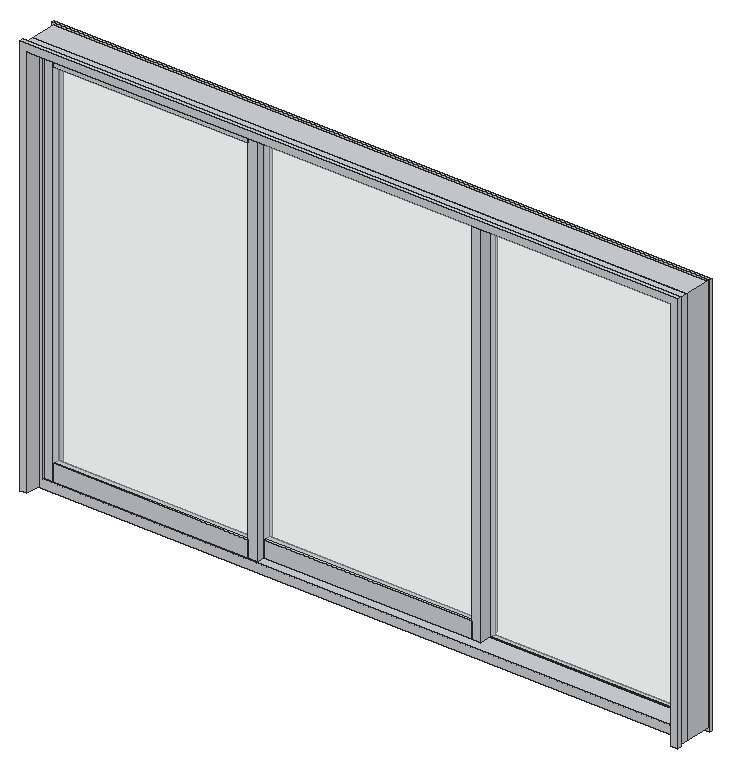
Revit family "APL Residential Thermal Heart Sliding Door SSF", category Doors, host Wall, Revit 2017 (continued)
Definition of nested family "APL Residential Thermal Heart Sliding Door SSF Vertical Section"
  Definition of nested family "Three Panel Sill"
    Definition of nested family "65470_Door Sill Rail"
      Lines and regions (mm)
        detail lines, in view "Ref. Level"
          curve 241: arc (14.581, 55.238, 0) -> (14.287, 55.36, 0) -> (13.972, 55.4, 0) r 1.2
          curve 242: arc (13.972, 55.4, 0) -> (13.797, 55.347, 0) -> (13.686, 55.203, 0) r 0.3
          curve 243: arc (12.798, 52.763, 0) -> (12.651, 52.572, 0) -> (12.422, 52.5, 0) r 0.4
          curve 244: arc (6.782, 52.5, 0) -> (6.553, 52.572, 0) -> (6.406, 52.763, 0) r 0.4
          curve 245: arc (5.518, 55.203, 0) -> (5.407, 55.347, 0) -> (5.232, 55.4, 0) r 0.3
          curve 246: arc (5.232, 55.4, 0) -> (4.917, 55.36, 0) -> (4.623, 55.238, 0) r 1.2
          curve 247: arc (3.095, 54.354, 0) -> (2.998, 54.314, 0) -> (2.895, 54.3, 0) r 0.4
          curve 248: arc (2.602, 54.3, 0) -> (2.319, 54.417, 0) -> (2.202, 54.7, 0) r 0.4
          curve 249: line (2.602, 58.5, 0) -> (2.895, 58.5, 0)
          curve 250: line (3.095, 58.446, 0) -> (4.623, 57.561, 0)
          curve 251: line (5.224, 57.4, 0) -> (6.147, 57.4, 0)
          curve 252: line (7.086, 56.742, 0) -> (7.879, 54.563, 0)
          curve 253: line (8.255, 54.3, 0) -> (10.949, 54.3, 0)
          curve 254: line (11.325, 54.563, 0) -> (12.118, 56.742, 0)
          curve 255: line (13.057, 57.4, 0) -> (13.98, 57.4, 0)
          curve 256: line (14.581, 57.561, 0) -> (16.109, 58.446, 0)
          curve 257: line (16.309, 58.5, 0) -> (16.602, 58.5, 0)
          curve 258: line (17.002, 58.1, 0) -> (17.002, 54.7, 0)
          curve 259: line (16.602, 54.3, 0) -> (16.309, 54.3, 0)
          curve 260: line (16.109, 54.354, 0) -> (14.581, 55.238, 0)
          curve 261: line (13.686, 55.203, 0) -> (12.798, 52.763, 0)
          curve 262: line (12.422, 52.5, 0) -> (6.782, 52.5, 0)
          curve 263: line (6.406, 52.763, 0) -> (5.518, 55.203, 0)
          curve 264: line (4.623, 55.238, 0) -> (3.095, 54.354, 0)
          curve 265: line (2.895, 54.3, 0) -> (2.602, 54.3, 0)
          curve 266: line (2.202, 54.7, 0) -> (2.202, 58.1, 0)
          curve 267: arc (2.202, 75.4, 0) -> (2.319, 75.117, 0) -> (2.602, 75, 0) r 0.4
          curve 268: arc (2.895, 75, 0) -> (2.998, 75.014, 0) -> (3.095, 75.054, 0) r 0.4
          curve 269: arc (4.623, 75.939, 0) -> (4.913, 76.059, 0) -> (5.224, 76.1, 0) r 1.2
          curve 270: arc (6.147, 76.1, 0) -> (6.72, 76.281, 0) -> (7.086, 76.758, 0) r 1
          curve 271: arc (7.879, 78.937, 0) -> (8.026, 79.128, 0) -> (8.255, 79.2, 0) r 0.4
          curve 272: arc (10.949, 79.2, 0) -> (11.178, 79.128, 0) -> (11.325, 78.937, 0) r 0.4
          curve 273: arc (12.118, 76.758, 0) -> (12.484, 76.281, 0) -> (13.057, 76.1, 0) r 1
          curve 274: arc (13.98, 76.1, 0) -> (14.291, 76.059, 0) -> (14.581, 75.939, 0) r 1.2
          curve 275: arc (16.109, 75.054, 0) -> (16.206, 75.014, 0) -> (16.309, 75, 0) r 0.4
          curve 276: arc (16.602, 75, 0) -> (16.885, 75.117, 0) -> (17.002, 75.4, 0) r 0.4
          curve 277: arc (17.002, 78.8, 0) -> (16.885, 79.083, 0) -> (16.602, 79.2, 0) r 0.4
          curve 278: arc (16.309, 79.2, 0) -> (16.206, 79.187, 0) -> (16.109, 79.147, 0) r 0.4
          curve 279: arc (14.581, 78.262, 0) -> (14.287, 78.14, 0) -> (13.972, 78.1, 0) r 1.2
          curve 280: arc (13.972, 78.1, 0) -> (13.797, 78.153, 0) -> (13.686, 78.298, 0) r 0.3
          curve 281: arc (12.798, 80.737, 0) -> (12.651, 80.928, 0) -> (12.422, 81, 0) r 0.4
          curve 282: arc (6.782, 81, 0) -> (6.553, 80.928, 0) -> (6.406, 80.737, 0) r 0.4
          curve 283: arc (5.518, 78.298, 0) -> (5.407, 78.153, 0) -> (5.232, 78.1, 0) r 0.3
          curve 284: arc (5.232, 78.1, 0) -> (4.917, 78.14, 0) -> (4.623, 78.262, 0) r 1.2
          curve 285: arc (3.095, 79.147, 0) -> (2.998, 79.187, 0) -> (2.895, 79.2, 0) r 0.4
          curve 286: arc (2.602, 79.2, 0) -> (2.319, 79.083, 0) -> (2.202, 78.8, 0) r 0.4
          curve 287: line (2.602, 75, 0) -> (2.895, 75, 0)
          curve 288: line (3.095, 75.054, 0) -> (4.623, 75.939, 0)
          curve 289: line (5.224, 76.1, 0) -> (6.147, 76.1, 0)
          curve 290: line (7.086, 76.758, 0) -> (7.879, 78.937, 0)
          curve 291: line (8.255, 79.2, 0) -> (10.949, 79.2, 0)
          curve 292: line (11.325, 78.937, 0) -> (12.118, 76.758, 0)
          curve 293: line (13.057, 76.1, 0) -> (13.98, 76.1, 0)
          curve 294: line (14.581, 75.939, 0) -> (16.109, 75.054, 0)
          curve 295: line (16.309, 75, 0) -> (16.602, 75, 0)
          curve 296: line (17.002, 75.4, 0) -> (17.002, 78.8, 0)
          curve 297: line (16.602, 79.2, 0) -> (16.309, 79.2, 0)
          curve 298: line (16.109, 79.147, 0) -> (14.581, 78.262, 0)
          curve 299: line (13.686, 78.298, 0) -> (12.798, 80.737, 0)
          curve 300: line (12.422, 81, 0) -> (6.782, 81, 0)
          curve 301: line (6.406, 80.737, 0) -> (5.518, 78.298, 0)
          curve 302: line (4.623, 78.262, 0) -> (3.095, 79.147, 0)
          curve 303: line (2.895, 79.2, 0) -> (2.602, 79.2, 0)
          curve 304: line (2.202, 78.8, 0) -> (2.202, 75.4, 0)
      Text (mm)
        text "65470" at (43.128, 87.494, 0), in view "Ref. Level"
    Definition of nested family "65390_Frame Sill"
      Reference planes
        plane 1 "Center (Front/Back)": y = 0
        plane 2: z = 0
        plane 3 "Center (Left/Right)": x = 0
      Lines and regions (mm)
        model lines, in view "Ref. Level"
          curve 1: arc (10.8, 6.498, 0) -> (11.356, 7.843, 0) -> (12.7, 8.4, 0) r 1.9
          curve 2: arc (13.1, 8.4, 0) -> (13.241, 8.459, 0) -> (13.3, 8.6, 0) r 0.2
          curve 3: arc (13.3, 15.4, 0) -> (13.241, 15.541, 0) -> (13.1, 15.6, 0) r 0.2
          curve 4: arc (11, 15.6, 0) -> (10.859, 15.659, 0) -> (10.8, 15.8, 0) r 0.2
          curve 5: arc (10.8, 16.283, 0) -> (10.741, 16.425, 0) -> (10.6, 16.483, 0) r 0.2
          curve 6: arc (1.9, 16.483, 0) -> (1.546, 16.337, 0) -> (1.4, 15.983, 0) r 0.5
          curve 7: arc (1.4, 2.245, 0) -> (1.521, 1.631, 0) -> (1.869, 1.111, 0) r 1.6
          curve 8: arc (6.387, -3.407, 0) -> (6.711, -3.624, 0) -> (7.094, -3.7, 0) r 1
          curve 9: arc (9.8, -3.7, 0) -> (10.507, -3.407, 0) -> (10.8, -2.7, 0) r 1
          curve 10: arc (1.665, 23.621, 0) -> (1.729, 23.522, 0) -> (1.725, 23.403, 0) r 0.2
          curve 11: arc (1.725, 23.403, 0) -> (1.621, 23.234, 0) -> (1.453, 23.127, 0) r 0.45
          curve 12: arc (1.453, 23.127, 0) -> (1.357, 23.052, 0) -> (1.322, 22.936, 0) r 0.2
          curve 13: arc (1.379, 18.081, 0) -> (1.438, 17.941, 0) -> (1.579, 17.883, 0) r 0.2
          curve 14: arc (10.6, 17.883, 0) -> (10.741, 17.942, 0) -> (10.8, 18.083, 0) r 0.2
          curve 15: arc (10.8, 22.172, 0) -> (10.773, 22.272, 0) -> (10.7, 22.345, 0) r 0.2
          curve 16: arc (9.6, 22.98, 0) -> (9.38, 23.2, 0) -> (9.3, 23.5, 0) r 0.6
          curve 17: arc (9.3, 23.8, 0) -> (9.359, 23.941, 0) -> (9.5, 24, 0) r 0.2
          curve 18: arc (13.617, 24, 0) -> (13.922, 23.801, 0) -> (14.195, 24.043, 0) r 0.3
          curve 19: arc (14.195, 24.043, 0) -> (14.261, 24.181, 0) -> (14.387, 24.268, 0) r 0.3
          curve 20: arc (15.797, 24.782, 0) -> (16.083, 24.738, 0) -> (16.199, 24.474, 0) r 0.3
          curve 21: arc (15.992, 22.108, 0) -> (15.965, 22.008, 0) -> (15.905, 21.922, 0) r 0.3
          curve 22: arc (15.541, 21.559, 0) -> (15.348, 21.507, 0) -> (15.207, 21.648, 0) r 0.2
          curve 23: arc (15.162, 21.816, 0) -> (15.11, 21.905, 0) -> (15.021, 21.957, 0) r 0.2
          curve 24: arc (12.8, 22.5, 0) -> (12.52, 22.307, 0) -> (12.6, 21.976, 0) r 0.3
          curve 25: arc (12.6, 21.976, 0) -> (12.674, 21.875, 0) -> (12.7, 21.753, 0) r 0.3
          curve 26: arc (12.506, 17.75, 0) -> (12.542, 17.578, 0) -> (12.7, 17.5, 0) r 0.2
          curve 27: arc (13.221, 17.5, 0) -> (13.302, 17.511, 0) -> (13.377, 17.544, 0) r 0.3
          curve 28: arc (14.631, 18.309, 0) -> (14.628, 18.479, 0) -> (14.734, 18.611, 0) r 0.25
          curve 29: arc (14.82, 18.663, 0) -> (15.072, 18.668, 0) -> (15.2, 18.45, 0) r 0.25
          curve 30: arc (15.2, 8.6, 0) -> (15.259, 8.459, 0) -> (15.4, 8.4, 0) r 0.2
          curve 31: arc (16.479, 8.4, 0) -> (16.643, 8.315, 0) -> (16.667, 8.132, 0) r 0.2
          curve 32: arc (15.775, 5.682, 0) -> (15.702, 5.586, 0) -> (15.587, 5.55, 0) r 0.2
          curve 33: arc (15.353, 5.55, 0) -> (15.248, 5.52, 0) -> (15.174, 5.439, 0) r 0.2
          curve 34: arc (15.174, 5.439, 0) -> (15.019, 5.31, 0) -> (14.82, 5.337, 0) r 0.25
          curve 35: arc (14.734, 5.389, 0) -> (14.628, 5.521, 0) -> (14.631, 5.691, 0) r 0.25
          curve 36: arc (13.377, 6.456, 0) -> (13.302, 6.489, 0) -> (13.221, 6.5, 0) r 0.3
          curve 37: arc (12.7, 6.5, 0) -> (12.542, 6.422, 0) -> (12.506, 6.25, 0) r 0.2
          curve 38: arc (12.7, 2.247, 0) -> (12.674, 2.125, 0) -> (12.6, 2.024, 0) r 0.3
          curve 39: arc (12.6, 2.024, 0) -> (12.52, 1.693, 0) -> (12.8, 1.5, 0) r 0.3
          curve 40: arc (15.021, 2.043, 0) -> (15.11, 2.095, 0) -> (15.162, 2.184, 0) r 0.2
          curve 41: arc (15.207, 2.352, 0) -> (15.348, 2.493, 0) -> (15.541, 2.441, 0) r 0.2
          curve 42: arc (15.905, 2.078, 0) -> (15.965, 1.992, 0) -> (15.992, 1.892, 0) r 0.3
          curve 43: arc (16.199, -0.474, 0) -> (16.083, -0.738, 0) -> (15.797, -0.782, 0) r 0.3
          curve 44: arc (14.387, -0.268, 0) -> (14.261, -0.181, 0) -> (14.195, -0.043, 0) r 0.3
          curve 45: arc (14.195, -0.043, 0) -> (13.922, 0.199, 0) -> (13.617, 0, 0) r 0.3
          curve 46: arc (12.6, 0, 0) -> (12.459, -0.059, 0) -> (12.4, -0.2, 0) r 0.2
          curve 47: arc (12.4, -2.696, 0) -> (11.64, -4.537, 0) -> (9.8, -5.3, 0) r 2.6
          curve 48: arc (7.9, -5.3, 0) -> (7.547, -5.446, 0) -> (7.4, -5.8, 0) r 0.5
          curve 49: arc (7.4, -13.402, 0) -> (7.508, -13.581, 0) -> (7.716, -13.566, 0) r 0.2
          curve 50: arc (7.716, -13.566, 0) -> (8.721, -13.692, 0) -> (8.684, -14.705, 0) r 0.75
          curve 51: arc (8.684, -14.705, 0) -> (8.15, -16.005, 0) -> (8.684, -17.305, 0) r 1.85
          curve 52: arc (8.684, -17.305, 0) -> (8.794, -17.447, 0) -> (8.867, -17.612, 0) r 0.75
          curve 53: arc (8.867, -17.612, 0) -> (8.97, -17.796, 0) -> (9.14, -17.921, 0) r 0.5
          curve 54: arc (9.14, -17.921, 0) -> (10, -18.105, 0) -> (10.86, -17.921, 0) r 2.1
          curve 55: arc (10.86, -17.921, 0) -> (11.03, -17.796, 0) -> (11.133, -17.612, 0) r 0.5
          curve 56: arc (11.133, -17.612, 0) -> (11.206, -17.447, 0) -> (11.316, -17.305, 0) r 0.75
          curve 57: arc (11.316, -17.305, 0) -> (11.85, -16.005, 0) -> (11.316, -14.705, 0) r 1.85
          curve 58: arc (11.316, -14.705, 0) -> (11.323, -13.644, 0) -> (12.384, -13.651, 0) r 0.75
          curve 59: arc (12.384, -13.651, 0) -> (13.348, -15.881, 0) -> (12.551, -18.176, 0) r 3.35
          curve 60: arc (12.551, -18.176, 0) -> (12.478, -18.71, 0) -> (12.932, -19, 0) r 0.5
          curve 61: arc (13.15, -19, 0) -> (13.291, -19.059, 0) -> (13.35, -19.2, 0) r 0.2
          curve 62: arc (13.35, -19.5, 0) -> (13.204, -19.854, 0) -> (12.85, -20, 0) r 0.5
          curve 63: arc (7, -20, 0) -> (6.293, -19.707, 0) -> (6, -19, 0) r 1
          curve 64: arc (6, -6.243, 0) -> (5.772, -5.095, 0) -> (5.121, -4.121, 0) r 3
          curve 65: arc (0.879, 0.121, 0) -> (0.228, 1.095, 0) -> (0, 2.243, 0) r 3
          curve 66: arc (0, 23.8, 0) -> (0.059, 23.941, 0) -> (0.2, 24, 0) r 0.2
          curve 67: line (10.8, -2.7, 0) -> (10.8, 6.498, 0)
          curve 68: line (12.7, 8.4, 0) -> (13.1, 8.4, 0)
          curve 69: line (13.1, 15.6, 0) -> (11, 15.6, 0)
          curve 70: line (10.8, 15.8, 0) -> (10.8, 16.283, 0)
          curve 71: line (10.6, 16.483, 0) -> (1.9, 16.483, 0)
          curve 72: line (1.4, 15.983, 0) -> (1.4, 2.245, 0)
          curve 73: line (1.869, 1.111, 0) -> (6.387, -3.407, 0)
          curve 74: line (7.094, -3.7, 0) -> (9.8, -3.7, 0)
          curve 75: line (1.322, 22.936, 0) -> (1.379, 18.081, 0)
          curve 76: line (1.579, 17.883, 0) -> (10.6, 17.883, 0)
          curve 77: line (10.8, 18.083, 0) -> (10.8, 22.172, 0)
          curve 78: line (10.7, 22.345, 0) -> (9.6, 22.98, 0)
          curve 79: line (9.3, 23.5, 0) -> (9.3, 23.8, 0)
          curve 80: line (9.5, 24, 0) -> (13.617, 24, 0)
          curve 81: line (14.387, 24.268, 0) -> (15.797, 24.782, 0)
          curve 82: line (16.199, 24.474, 0) -> (15.992, 22.108, 0)
          curve 83: line (15.905, 21.922, 0) -> (15.541, 21.559, 0)
          curve 84: line (15.207, 21.648, 0) -> (15.162, 21.816, 0)
          curve 85: line (15.162, 21.816, 0) -> (13.032, 22.49, 0)
          curve 86: line (13.032, 22.49, 0) -> (12.8, 22.5, 0)
          curve 87: line (12.7, 21.753, 0) -> (12.7, 18.525, 0)
          curve 88: line (12.7, 18.525, 0) -> (12.506, 17.75, 0)
          curve 89: line (12.7, 17.5, 0) -> (13.221, 17.5, 0)
          curve 90: line (13.221, 17.5, 0) -> (14.631, 18.309, 0)
          curve 91: line (15.2, 18.45, 0) -> (15.2, 16.874, 0)
          curve 92: line (15.2, 16.874, 0) -> (15.2, 8.6, 0)
          curve 93: line (15.2, 8.6, 0) -> (13.3, 8.6, 0)
          curve 94: line (13.3, 8.6, 0) -> (13.3, 15.4, 0)
          curve 95: line (15.4, 8.4, 0) -> (16.479, 8.4, 0)
          curve 96: line (16.667, 8.132, 0) -> (15.775, 5.682, 0)
          curve 97: line (15.587, 5.55, 0) -> (15.353, 5.55, 0)
          curve 98: line (14.631, 5.691, 0) -> (13.377, 6.456, 0)
          curve 99: line (13.377, 6.456, 0) -> (12.7, 6.5, 0)
          curve 100: line (12.506, 6.25, 0) -> (12.694, 5.525, 0)
          curve 101: line (12.694, 5.525, 0) -> (12.7, 2.247, 0)
          curve 102: line (12.954, 1.5, 0) -> (15.021, 2.043, 0)
          curve 103: line (15.021, 2.043, 0) -> (15.207, 2.352, 0)
          curve 104: line (15.541, 2.441, 0) -> (15.905, 2.078, 0)
          curve 105: line (15.992, 1.892, 0) -> (16.199, -0.474, 0)
          curve 106: line (15.797, -0.782, 0) -> (14.387, -0.268, 0)
          curve 107: line (13.617, 0, 0) -> (12.6, 0, 0)
          curve 108: line (12.4, -0.2, 0) -> (12.4, -2.696, 0)
          curve 109: line (9.8, -5.3, 0) -> (7.9, -5.3, 0)
          curve 110: line (7.4, -5.8, 0) -> (7.4, -13.402, 0)
          curve 111: line (12.932, -19, 0) -> (13.15, -19, 0)
          curve 112: line (13.35, -19.2, 0) -> (13.35, -19.5, 0)
          curve 113: line (12.85, -20, 0) -> (7, -20, 0)
          curve 114: line (6, -19, 0) -> (6, -6.243, 0)
          curve 115: line (5.121, -4.121, 0) -> (0.879, 0.121, 0)
          curve 116: line (0, 2.243, 0) -> (0, 23.8, 0)
          curve 117: line (0.2, 24, 0) -> (1.141, 24, 0)
          curve 118: line (1.141, 24, 0) -> (1.665, 23.621, 0)
          curve 119: line (13.3, 14.6, 0) -> (15.2, 14.6, 0)
          curve 120: arc (64.2, 16.467, 0) -> (64.076, 16.138, 0) -> (63.765, 15.972, 0) r 0.5
          curve 121: arc (63.765, 15.972, 0) -> (62.349, 15.442, 0) -> (61.309, 14.343, 0) r 3.35
          curve 122: arc (61.309, 14.343, 0) -> (61.577, 13.317, 0) -> (62.604, 13.585, 0) r 0.75
          curve 123: arc (62.604, 13.585, 0) -> (63.721, 14.437, 0) -> (65.115, 14.258, 0) r 1.85
          curve 124: arc (65.115, 14.258, 0) -> (65.281, 14.188, 0) -> (65.459, 14.16, 0) r 0.75
          curve 125: arc (65.459, 14.16, 0) -> (65.663, 14.108, 0) -> (65.828, 13.976, 0) r 0.5
          curve 126: arc (65.828, 13.976, 0) -> (66.3, 12.65, 0) -> (65.828, 11.324, 0) r 2.1
          curve 127: arc (65.828, 11.324, 0) -> (65.663, 11.192, 0) -> (65.459, 11.14, 0) r 0.5
          curve 128: arc (65.459, 11.14, 0) -> (65.281, 11.112, 0) -> (65.115, 11.042, 0) r 0.75
          curve 129: arc (65.115, 11.042, 0) -> (64.2, 10.8, 0) -> (63.285, 11.042, 0) r 1.85
          curve 130: arc (63.285, 11.042, 0) -> (62.738, 11.119, 0) -> (62.286, 10.8, 0) r 0.75
          curve 131: arc (39.189, 9.621, 0) -> (38.199, 9.316, 0) -> (37.363, 8.704, 0) r 3.126
          curve 132: arc (37.363, 8.704, 0) -> (37.013, 8.479, 0) -> (36.605, 8.4, 0) r 1.1
          curve 133: arc (29.901, 8.4, 0) -> (29.547, 8.546, 0) -> (29.4, 8.9, 0) r 0.5
          curve 134: arc (29.4, 22, 0) -> (29.546, 22.354, 0) -> (29.9, 22.5, 0) r 0.5
          curve 135: arc (44.4, 22.5, 0) -> (45.602, 22.998, 0) -> (46.1, 24.2, 0) r 1.7
          curve 136: arc (46.147, 35.533, 0) -> (46.409, 35.986, 0) -> (46.5, 36.5, 0) r 1.5
          curve 137: arc (46.5, 41.1, 0) -> (46.646, 41.454, 0) -> (47, 41.6, 0) r 0.5
          curve 138: arc (65.699, 41.6, 0) -> (66.053, 41.454, 0) -> (66.2, 41.1, 0) r 0.5
          curve 139: arc (66.2, 32, 0) -> (65.978, 30.526, 0) -> (65.33, 29.182, 0) r 5
          curve 140: arc (65.33, 29.182, 0) -> (64.489, 27.436, 0) -> (64.2, 25.519, 0) r 6.5
          curve 141: arc (27.317, 8.501, 0) -> (27.447, 8.565, 0) -> (27.5, 8.7, 0) r 0.2
          curve 142: arc (23.754, 8.189, 0) -> (23.602, 8.097, 0) -> (23.583, 7.921, 0) r 0.2
          curve 143: arc (24.399, 5.679, 0) -> (24.668, 5.392, 0) -> (25.06, 5.387, 0) r 0.5
          curve 144: arc (25.06, 5.387, 0) -> (25.211, 5.303, 0) -> (25.38, 5.337, 0) r 0.25
          curve 145: arc (25.466, 5.389, 0) -> (25.572, 5.521, 0) -> (25.569, 5.691, 0) r 0.25
          curve 146: arc (26.823, 6.456, 0) -> (26.898, 6.489, 0) -> (26.979, 6.5, 0) r 0.3
          curve 147: arc (27.5, 6.5, 0) -> (27.658, 6.422, 0) -> (27.694, 6.25, 0) r 0.2
          curve 148: arc (27.5, 2.247, 0) -> (27.526, 2.125, 0) -> (27.6, 2.024, 0) r 0.3
          curve 149: arc (27.6, 2.024, 0) -> (27.68, 1.693, 0) -> (27.4, 1.5, 0) r 0.3
          curve 150: arc (25.179, 2.043, 0) -> (25.09, 2.095, 0) -> (25.038, 2.184, 0) r 0.2
          curve 151: arc (24.993, 2.352, 0) -> (24.852, 2.493, 0) -> (24.659, 2.441, 0) r 0.2
          curve 152: arc (24.295, 2.078, 0) -> (24.235, 1.992, 0) -> (24.208, 1.892, 0) r 0.3
          curve 153: arc (24.001, -0.474, 0) -> (24.117, -0.738, 0) -> (24.403, -0.782, 0) r 0.3
          curve 154: arc (25.813, -0.268, 0) -> (25.939, -0.181, 0) -> (26.005, -0.043, 0) r 0.3
          curve 155: arc (26.005, -0.043, 0) -> (26.278, 0.199, 0) -> (26.583, 0, 0) r 0.3
          curve 156: arc (28.9, 0, 0) -> (29.254, 0.146, 0) -> (29.4, 0.5, 0) r 0.5
          curve 157: arc (29.4, 6.1, 0) -> (29.546, 6.454, 0) -> (29.9, 6.6, 0) r 0.499
          curve 158: arc (37.767, 6.6, 0) -> (38.931, 6.835, 0) -> (39.913, 7.503, 0) r 2.996
          curve 159: arc (39.913, 7.503, 0) -> (40.232, 7.73, 0) -> (40.611, 7.831, 0) r 1.1
          curve 160: arc (68.1, 8.9, 0) -> (68.241, 8.841, 0) -> (68.3, 8.7, 0) r 0.2
          curve 161: arc (68.3, 0.5, 0) -> (68.446, 0.146, 0) -> (68.8, 0, 0) r 0.5
          curve 162: arc (71.117, 0, 0) -> (71.422, 0.199, 0) -> (71.695, -0.043, 0) r 0.3
          curve 163: arc (71.695, -0.043, 0) -> (71.761, -0.181, 0) -> (71.887, -0.268, 0) r 0.3
          curve 164: arc (73.297, -0.782, 0) -> (73.583, -0.738, 0) -> (73.699, -0.474, 0) r 0.3
          curve 165: arc (73.492, 1.892, 0) -> (73.465, 1.992, 0) -> (73.405, 2.078, 0) r 0.3
          curve 166: arc (73.041, 2.441, 0) -> (72.848, 2.493, 0) -> (72.707, 2.352, 0) r 0.2
          curve 167: arc (72.662, 2.184, 0) -> (72.61, 2.095, 0) -> (72.521, 2.043, 0) r 0.2
          curve 168: arc (70.3, 1.5, 0) -> (70.02, 1.693, 0) -> (70.1, 2.024, 0) r 0.3
          curve 169: arc (70.1, 2.024, 0) -> (70.174, 2.125, 0) -> (70.2, 2.247, 0) r 0.3
          curve 170: arc (70.006, 6.25, 0) -> (70.042, 6.422, 0) -> (70.2, 6.5, 0) r 0.2
          curve 171: arc (70.721, 6.5, 0) -> (70.802, 6.489, 0) -> (70.877, 6.456, 0) r 0.3
          curve 172: arc (72.131, 5.691, 0) -> (72.128, 5.521, 0) -> (72.234, 5.389, 0) r 0.25
          curve 173: arc (72.32, 5.337, 0) -> (72.572, 5.332, 0) -> (72.7, 5.55, 0) r 0.25
          curve 174: arc (72.7, 7.124, 0) -> (72.618, 7.522, 0) -> (72.385, 7.854, 0) r 1
          curve 175: arc (72.385, 7.854, 0) -> (72.322, 8, 0) -> (72.385, 8.146, 0) r 0.2
          curve 176: arc (72.385, 8.146, 0) -> (72.618, 8.477, 0) -> (72.7, 8.874, 0) r 1
          curve 177: arc (72.7, 10.449, 0) -> (72.573, 10.668, 0) -> (72.32, 10.663, 0) r 0.25
          curve 178: arc (72.234, 10.611, 0) -> (72.128, 10.479, 0) -> (72.131, 10.309, 0) r 0.25
          curve 179: arc (70.877, 9.544, 0) -> (70.802, 9.511, 0) -> (70.721, 9.5, 0) r 0.3
          curve 180: arc (70.2, 9.5, 0) -> (70.042, 9.578, 0) -> (70.006, 9.75, 0) r 0.2
          curve 181: arc (70.2, 13.753, 0) -> (70.174, 13.876, 0) -> (70.1, 13.976, 0) r 0.3
          curve 182: arc (70.1, 13.976, 0) -> (70.02, 14.307, 0) -> (70.3, 14.5, 0) r 0.3
          curve 183: arc (72.521, 13.957, 0) -> (72.61, 13.905, 0) -> (72.662, 13.816, 0) r 0.2
          curve 184: arc (72.707, 13.648, 0) -> (72.848, 13.507, 0) -> (73.041, 13.559, 0) r 0.2
          curve 185: arc (73.405, 13.922, 0) -> (73.465, 14.008, 0) -> (73.492, 14.108, 0) r 0.3
          curve 186: arc (73.699, 16.474, 0) -> (73.583, 16.738, 0) -> (73.297, 16.782, 0) r 0.3
          curve 187: arc (71.887, 16.268, 0) -> (71.761, 16.181, 0) -> (71.695, 16.043, 0) r 0.3
          curve 188: arc (71.695, 16.043, 0) -> (71.422, 15.801, 0) -> (71.117, 16, 0) r 0.3
          curve 189: arc (66.201, 16, 0) -> (65.847, 16.146, 0) -> (65.7, 16.5, 0) r 0.5
          curve 190: arc (65.701, 25.622, 0) -> (65.938, 27.043, 0) -> (66.57, 28.337, 0) r 5
          curve 191: arc (66.57, 28.337, 0) -> (67.411, 30.083, 0) -> (67.7, 32, 0) r 6.5
          curve 192: arc (67.7, 33.1, 0) -> (67.759, 33.241, 0) -> (67.9, 33.3, 0) r 0.2
          curve 193: arc (69.3, 33.3, 0) -> (69.441, 33.241, 0) -> (69.5, 33.1, 0) r 0.2
          curve 194: arc (69.5, 32.8, 0) -> (70, 32.299, 0) -> (70.5, 32.8, 0) r 0.5
          curve 195: arc (70.5, 35.351, 0) -> (69.999, 35.85, 0) -> (69.5, 35.35, 0) r 0.5
          curve 196: arc (69.5, 34.5, 0) -> (69.441, 34.359, 0) -> (69.3, 34.3, 0) r 0.2
          curve 197: arc (67.9, 34.3, 0) -> (67.759, 34.359, 0) -> (67.7, 34.5, 0) r 0.2
          curve 198: arc (67.7, 41.8, 0) -> (67.759, 41.941, 0) -> (67.9, 42, 0) r 0.2
          curve 199: arc (69.3, 42, 0) -> (69.441, 41.941, 0) -> (69.5, 41.8, 0) r 0.2
          curve 200: arc (69.5, 40.95, 0) -> (70, 40.449, 0) -> (70.5, 40.95, 0) r 0.5
          curve 201: arc (70.5, 42.499, 0) -> (70.354, 42.853, 0) -> (70, 43, 0) r 0.5
          curve 202: arc (42.7, 43, 0) -> (42.559, 42.941, 0) -> (42.5, 42.8, 0) r 0.2
          curve 203: arc (42.5, 41.25, 0) -> (43, 40.749, 0) -> (43.5, 41.25, 0) r 0.5
          curve 204: arc (43.5, 41.8, 0) -> (43.559, 41.941, 0) -> (43.7, 42, 0) r 0.2
          curve 205: arc (44.8, 42, 0) -> (44.941, 41.941, 0) -> (45, 41.8, 0) r 0.2
          curve 206: arc (45, 36.7, 0) -> (44.941, 36.559, 0) -> (44.8, 36.5, 0) r 0.2
          curve 207: arc (43.7, 36.5, 0) -> (43.559, 36.559, 0) -> (43.5, 36.7, 0) r 0.2
          curve 208: arc (43.5, 37.25, 0) -> (43, 37.749, 0) -> (42.5, 37.25, 0) r 0.5
          curve 209: arc (42.5, 36.5, 0) -> (42.793, 35.793, 0) -> (43.5, 35.5, 0) r 1
          curve 210: arc (44.395, 35.5, 0) -> (44.539, 35.443, 0) -> (44.6, 35.3, 0) r 0.202
          curve 211: arc (44.6, 24.2, 0) -> (44.538, 24.058, 0) -> (44.395, 24, 0) r 0.205
          curve 212: arc (26.583, 24, 0) -> (26.278, 23.801, 0) -> (26.005, 24.043, 0) r 0.3
          curve 213: arc (26.005, 24.043, 0) -> (25.939, 24.181, 0) -> (25.813, 24.268, 0) r 0.3
          curve 214: arc (24.403, 24.782, 0) -> (24.117, 24.738, 0) -> (24.001, 24.474, 0) r 0.3
          curve 215: arc (24.208, 22.108, 0) -> (24.235, 22.008, 0) -> (24.295, 21.922, 0) r 0.3
          curve 216: arc (24.659, 21.559, 0) -> (24.852, 21.507, 0) -> (24.993, 21.648, 0) r 0.2
          curve 217: arc (25.038, 21.816, 0) -> (25.09, 21.905, 0) -> (25.179, 21.957, 0) r 0.2
          curve 218: arc (27.4, 22.5, 0) -> (27.68, 22.307, 0) -> (27.6, 21.976, 0) r 0.3
          curve 219: arc (27.6, 21.976, 0) -> (27.526, 21.875, 0) -> (27.5, 21.753, 0) r 0.3
          curve 220: arc (27.694, 17.75, 0) -> (27.658, 17.578, 0) -> (27.5, 17.5, 0) r 0.2
          curve 221: arc (26.979, 17.5, 0) -> (26.898, 17.511, 0) -> (26.823, 17.544, 0) r 0.3
          curve 222: arc (25.569, 18.309, 0) -> (25.572, 18.479, 0) -> (25.466, 18.611, 0) r 0.25
          curve 223: arc (25.38, 18.663, 0) -> (25.128, 18.668, 0) -> (25, 18.45, 0) r 0.25
          curve 224: arc (25, 16.874, 0) -> (25.128, 16.385, 0) -> (25.479, 16.021, 0) r 1
          curve 225: line (64.2, 22.467, 0) -> (65.701, 22.467, 0)
          curve 226: line (62.286, 10.8, 0) -> (53.629, 10.8, 0)
          curve 227: line (53.629, 10.8, 0) -> (39.189, 9.621, 0)
          curve 228: line (36.605, 8.4, 0) -> (29.901, 8.4, 0)
          curve 229: line (29.4, 8.9, 0) -> (29.4, 22, 0)
          curve 230: line (29.9, 22.5, 0) -> (44.4, 22.5, 0)
          curve 231: line (46.1, 24.2, 0) -> (46.1, 35.405, 0)
          curve 232: line (46.5, 36.5, 0) -> (46.5, 41.1, 0)
          curve 233: line (47, 41.6, 0) -> (65.699, 41.6, 0)
          curve 234: line (66.2, 41.1, 0) -> (66.2, 32, 0)
          curve 235: line (64.2, 25.519, 0) -> (64.2, 16.467, 0)
          curve 236: line (64.2, 16.467, 0) -> (65.701, 16.467, 0)
          curve 237: line (65.701, 16.467, 0) -> (65.701, 25.622, 0)
          curve 238: line (27.5, 14.7, 0) -> (29.4, 14.7, 0)
          curve 239: line (27.317, 8.501, 0) -> (23.754, 8.189, 0)
          curve 240: line (23.583, 7.921, 0) -> (24.399, 5.679, 0)
          curve 241: line (25.569, 5.691, 0) -> (26.823, 6.456, 0)
          curve 242: line (26.823, 6.456, 0) -> (27.5, 6.5, 0)
          curve 243: line (27.694, 6.25, 0) -> (27.5, 5.5, 0)
          curve 244: line (27.506, 5.525, 0) -> (27.5, 2.247, 0)
          curve 245: line (27.246, 1.5, 0) -> (25.179, 2.043, 0)
          curve 246: line (25.179, 2.043, 0) -> (24.993, 2.352, 0)
          curve 247: line (24.659, 2.441, 0) -> (24.295, 2.078, 0)
          curve 248: line (24.208, 1.892, 0) -> (24.001, -0.474, 0)
          curve 249: line (24.403, -0.782, 0) -> (25.813, -0.268, 0)
          curve 250: line (26.583, 0, 0) -> (28.9, 0, 0)
          curve 251: line (29.4, 0.5, 0) -> (29.4, 6.1, 0)
          curve 252: line (29.9, 6.6, 0) -> (33.5, 6.6, 0)
          curve 253: line (33.5, 6.6, 0) -> (33.9, 7, 0)
          curve 254: line (33.9, 7, 0) -> (34.3, 6.6, 0)
          curve 255: line (34.3, 6.6, 0) -> (37.767, 6.6, 0)
          curve 256: line (40.611, 7.831, 0) -> (53.707, 8.9, 0)
          curve 257: line (53.707, 8.9, 0) -> (58.307, 8.9, 0)
          curve 258: line (58.307, 8.9, 0) -> (58.707, 9.3, 0)
          curve 259: line (58.707, 9.3, 0) -> (59.107, 8.9, 0)
          curve 260: line (59.107, 8.9, 0) -> (68.1, 8.9, 0)
          curve 261: line (68.3, 8.7, 0) -> (68.3, 0.5, 0)
          curve 262: line (68.8, 0, 0) -> (71.117, 0, 0)
          curve 263: line (71.887, -0.268, 0) -> (73.297, -0.782, 0)
          curve 264: line (73.699, -0.474, 0) -> (73.492, 1.892, 0)
          curve 265: line (73.405, 2.078, 0) -> (73.041, 2.441, 0)
          curve 266: line (72.707, 2.352, 0) -> (72.662, 2.184, 0)
          curve 267: line (72.662, 2.184, 0) -> (70.532, 1.51, 0)
          curve 268: line (70.532, 1.51, 0) -> (70.3, 1.5, 0)
          curve 269: line (70.2, 2.247, 0) -> (70.2, 5.475, 0)
          curve 270: line (70.2, 5.475, 0) -> (70.006, 6.25, 0)
          curve 271: line (70.2, 6.5, 0) -> (70.721, 6.5, 0)
          curve 272: line (70.721, 6.5, 0) -> (72.131, 5.691, 0)
          curve 273: line (72.7, 5.55, 0) -> (72.7, 7.124, 0)
          curve 274: line (72.7, 8.874, 0) -> (72.7, 10.449, 0)
          curve 275: line (72.131, 10.309, 0) -> (70.877, 9.544, 0)
          curve 276: line (70.877, 9.544, 0) -> (70.2, 9.5, 0)
          curve 277: line (70.006, 9.75, 0) -> (70.194, 10.475, 0)
          curve 278: line (70.194, 10.475, 0) -> (70.2, 13.752, 0)
          curve 279: line (70.454, 14.5, 0) -> (72.521, 13.957, 0)
          curve 280: line (72.521, 13.957, 0) -> (72.707, 13.648, 0)
          curve 281: line (73.041, 13.559, 0) -> (73.405, 13.922, 0)
          curve 282: line (73.492, 14.108, 0) -> (73.699, 16.474, 0)
          curve 283: line (73.297, 16.782, 0) -> (71.887, 16.268, 0)
          curve 284: line (71.117, 16, 0) -> (66.201, 16, 0)
          curve 285: line (67.7, 32, 0) -> (67.7, 33.1, 0)
          curve 286: line (67.9, 33.3, 0) -> (69.3, 33.3, 0)
          curve 287: line (69.5, 33.1, 0) -> (69.5, 32.8, 0)
          curve 288: line (70.5, 32.8, 0) -> (70.5, 35.351, 0)
          curve 289: line (69.5, 35.35, 0) -> (69.5, 34.5, 0)
          curve 290: line (69.3, 34.3, 0) -> (67.9, 34.3, 0)
          curve 291: line (67.7, 34.5, 0) -> (67.7, 41.8, 0)
          curve 292: line (67.9, 42, 0) -> (69.3, 42, 0)
          curve 293: line (69.5, 41.8, 0) -> (69.5, 40.95, 0)
          curve 294: line (70.5, 40.95, 0) -> (70.5, 42.499, 0)
          curve 295: line (70, 43, 0) -> (42.7, 43, 0)
          curve 296: line (42.5, 42.8, 0) -> (42.5, 41.25, 0)
          curve 297: line (43.5, 41.25, 0) -> (43.5, 41.8, 0)
          curve 298: line (43.7, 42, 0) -> (44.8, 42, 0)
          curve 299: line (45, 41.8, 0) -> (45, 36.7, 0)
          curve 300: line (44.8, 36.5, 0) -> (43.7, 36.5, 0)
          curve 301: line (43.5, 36.7, 0) -> (43.5, 37.25, 0)
          curve 302: line (42.5, 37.25, 0) -> (42.5, 36.5, 0)
          curve 303: line (43.5, 35.5, 0) -> (44.395, 35.5, 0)
          curve 304: line (44.6, 35.3, 0) -> (44.6, 24.2, 0)
          curve 305: line (44.395, 24, 0) -> (34.3, 24, 0)
          curve 306: line (34.3, 24, 0) -> (33.9, 23.6, 0)
          curve 307: line (33.9, 23.6, 0) -> (33.5, 24, 0)
          curve 308: line (33.5, 24, 0) -> (26.583, 24, 0)
          curve 309: line (25.813, 24.268, 0) -> (24.403, 24.782, 0)
          curve 310: line (24.001, 24.474, 0) -> (24.208, 22.108, 0)
          curve 311: line (24.295, 21.922, 0) -> (24.659, 21.559, 0)
          curve 312: line (24.993, 21.648, 0) -> (25.038, 21.816, 0)
          curve 313: line (25.038, 21.816, 0) -> (27.168, 22.49, 0)
          curve 314: line (27.168, 22.49, 0) -> (27.4, 22.5, 0)
          curve 315: line (27.5, 21.753, 0) -> (27.5, 18.525, 0)
          curve 316: line (27.5, 18.525, 0) -> (27.694, 17.75, 0)
          curve 317: line (27.5, 17.5, 0) -> (26.979, 17.5, 0)
          curve 318: line (26.979, 17.5, 0) -> (25.569, 18.309, 0)
          curve 319: line (25, 18.45, 0) -> (25, 16.874, 0)
          curve 320: line (25.479, 16.021, 0) -> (26.284, 15.529, 0)
          curve 321: line (26.284, 15.529, 0) -> (27.5, 15.5, 0)
          curve 322: line (27.5, 15.5, 0) -> (27.5, 8.7, 0)
          curve 323: line (27.5, 8.7, 0) -> (29.442, 8.7, 0)
          curve 324: arc (12.7, 2.2, 0) -> (12.817, 1.917, 0) -> (13.1, 1.8, 0) r 0.4
          curve 325: arc (13.393, 1.8, 0) -> (13.496, 1.814, 0) -> (13.593, 1.854, 0) r 0.4
          curve 326: arc (15.121, 2.738, 0) -> (15.411, 2.859, 0) -> (15.722, 2.9, 0) r 1.2
          curve 327: arc (16.645, 2.9, 0) -> (17.218, 3.081, 0) -> (17.584, 3.558, 0) r 1
          curve 328: arc (18.377, 5.737, 0) -> (18.524, 5.928, 0) -> (18.753, 6, 0) r 0.4
          curve 329: arc (21.447, 6, 0) -> (21.676, 5.928, 0) -> (21.823, 5.737, 0) r 0.4
          curve 330: arc (22.616, 3.558, 0) -> (22.982, 3.081, 0) -> (23.555, 2.9, 0) r 1
          curve 331: arc (24.478, 2.9, 0) -> (24.789, 2.859, 0) -> (25.079, 2.738, 0) r 1.2
          curve 332: arc (26.607, 1.854, 0) -> (26.704, 1.814, 0) -> (26.807, 1.8, 0) r 0.4
          curve 333: arc (27.1, 1.8, 0) -> (27.383, 1.917, 0) -> (27.5, 2.2, 0) r 0.4
          curve 334: arc (27.5, 5.6, 0) -> (27.383, 5.883, 0) -> (27.1, 6, 0) r 0.4
          curve 335: arc (26.807, 6, 0) -> (26.704, 5.986, 0) -> (26.607, 5.946, 0) r 0.4
          curve 336: arc (25.079, 5.061, 0) -> (24.785, 4.94, 0) -> (24.47, 4.9, 0) r 1.2
          curve 337: arc (24.47, 4.9, 0) -> (24.295, 4.953, 0) -> (24.184, 5.097, 0) r 0.3
          curve 338: arc (23.296, 7.537, 0) -> (23.149, 7.728, 0) -> (22.92, 7.8, 0) r 0.4
          curve 339: arc (17.28, 7.8, 0) -> (17.051, 7.728, 0) -> (16.904, 7.537, 0) r 0.4
          curve 340: arc (16.016, 5.097, 0) -> (15.905, 4.953, 0) -> (15.73, 4.9, 0) r 0.3
          curve 341: arc (15.73, 4.9, 0) -> (15.415, 4.94, 0) -> (15.121, 5.061, 0) r 1.2
          curve 342: arc (13.593, 5.946, 0) -> (13.496, 5.986, 0) -> (13.393, 6, 0) r 0.4
          curve 343: arc (13.1, 6, 0) -> (12.817, 5.883, 0) -> (12.7, 5.6, 0) r 0.4
          curve 344: line (13.1, 1.8, 0) -> (13.393, 1.8, 0)
          curve 345: line (13.593, 1.854, 0) -> (15.121, 2.738, 0)
          curve 346: line (15.722, 2.9, 0) -> (16.645, 2.9, 0)
          curve 347: line (17.584, 3.558, 0) -> (18.377, 5.737, 0)
          curve 348: line (18.753, 6, 0) -> (21.447, 6, 0)
          curve 349: line (21.823, 5.737, 0) -> (22.616, 3.558, 0)
          curve 350: line (23.555, 2.9, 0) -> (24.478, 2.9, 0)
          curve 351: line (25.079, 2.738, 0) -> (26.607, 1.854, 0)
          curve 352: line (26.807, 1.8, 0) -> (27.1, 1.8, 0)
          curve 353: line (27.5, 2.2, 0) -> (27.5, 5.6, 0)
          curve 354: line (27.1, 6, 0) -> (26.807, 6, 0)
          curve 355: line (26.607, 5.946, 0) -> (25.079, 5.061, 0)
          curve 356: line (24.184, 5.097, 0) -> (23.296, 7.537, 0)
          curve 357: line (22.92, 7.8, 0) -> (17.28, 7.8, 0)
          curve 358: line (16.904, 7.537, 0) -> (16.016, 5.097, 0)
          curve 359: line (15.121, 5.061, 0) -> (13.593, 5.946, 0)
          curve 360: line (13.393, 6, 0) -> (13.1, 6, 0)
          curve 361: line (12.7, 5.6, 0) -> (12.7, 2.2, 0)
          curve 362: arc (12.7, 18.4, 0) -> (12.817, 18.117, 0) -> (13.1, 18, 0) r 0.4
          curve 363: arc (13.393, 18, 0) -> (13.496, 18.014, 0) -> (13.593, 18.054, 0) r 0.4
          curve 364: arc (15.121, 18.938, 0) -> (15.411, 19.059, 0) -> (15.722, 19.1, 0) r 1.2
          curve 365: arc (16.645, 19.1, 0) -> (17.218, 19.281, 0) -> (17.584, 19.758, 0) r 1
          curve 366: arc (18.377, 21.937, 0) -> (18.524, 22.128, 0) -> (18.753, 22.2, 0) r 0.4
          curve 367: arc (21.447, 22.2, 0) -> (21.676, 22.128, 0) -> (21.823, 21.937, 0) r 0.4
          curve 368: arc (22.616, 19.758, 0) -> (22.982, 19.281, 0) -> (23.555, 19.1, 0) r 1
          curve 369: arc (24.478, 19.1, 0) -> (24.789, 19.059, 0) -> (25.079, 18.938, 0) r 1.2
          curve 370: arc (26.607, 18.054, 0) -> (26.704, 18.014, 0) -> (26.807, 18, 0) r 0.4
          curve 371: arc (27.1, 18, 0) -> (27.383, 18.117, 0) -> (27.5, 18.4, 0) r 0.4
          curve 372: arc (27.5, 21.8, 0) -> (27.383, 22.083, 0) -> (27.1, 22.2, 0) r 0.4
          curve 373: arc (26.807, 22.2, 0) -> (26.704, 22.186, 0) -> (26.607, 22.146, 0) r 0.4
          curve 374: arc (25.079, 21.261, 0) -> (24.785, 21.14, 0) -> (24.47, 21.1, 0) r 1.2
          curve 375: arc (24.47, 21.1, 0) -> (24.295, 21.153, 0) -> (24.184, 21.297, 0) r 0.3
          curve 376: arc (23.296, 23.737, 0) -> (23.149, 23.928, 0) -> (22.92, 24, 0) r 0.4
          curve 377: arc (17.28, 24, 0) -> (17.051, 23.928, 0) -> (16.904, 23.737, 0) r 0.4
          curve 378: arc (16.016, 21.297, 0) -> (15.905, 21.153, 0) -> (15.73, 21.1, 0) r 0.3
          curve 379: arc (15.73, 21.1, 0) -> (15.415, 21.14, 0) -> (15.121, 21.261, 0) r 1.2
          curve 380: arc (13.593, 22.146, 0) -> (13.496, 22.186, 0) -> (13.393, 22.2, 0) r 0.4
          curve 381: arc (13.1, 22.2, 0) -> (12.817, 22.083, 0) -> (12.7, 21.8, 0) r 0.4
          curve 382: line (13.1, 18, 0) -> (13.393, 18, 0)
          curve 383: line (13.593, 18.054, 0) -> (15.121, 18.938, 0)
          curve 384: line (15.722, 19.1, 0) -> (16.645, 19.1, 0)
          curve 385: line (17.584, 19.758, 0) -> (18.377, 21.937, 0)
          curve 386: line (18.753, 22.2, 0) -> (21.447, 22.2, 0)
          curve 387: line (21.823, 21.937, 0) -> (22.616, 19.758, 0)
          curve 388: line (23.555, 19.1, 0) -> (24.478, 19.1, 0)
          curve 389: line (25.079, 18.938, 0) -> (26.607, 18.054, 0)
          curve 390: line (26.807, 18, 0) -> (27.1, 18, 0)
          curve 391: line (27.5, 18.4, 0) -> (27.5, 21.8, 0)
          curve 392: line (27.1, 22.2, 0) -> (26.807, 22.2, 0)
          curve 393: line (26.607, 22.146, 0) -> (25.079, 21.261, 0)
          curve 394: line (24.184, 21.297, 0) -> (23.296, 23.737, 0)
          curve 395: line (22.92, 24, 0) -> (17.28, 24, 0)
          curve 396: line (16.904, 23.737, 0) -> (16.016, 21.297, 0)
          curve 397: line (15.121, 21.261, 0) -> (13.593, 22.146, 0)
          curve 398: line (13.393, 22.2, 0) -> (13.1, 22.2, 0)
          curve 399: line (12.7, 21.8, 0) -> (12.7, 18.4, 0)
          curve 400: arc (70.2, 10.4, 0) -> (70.317, 10.117, 0) -> (70.6, 10, 0) r 0.4
          curve 401: arc (70.893, 10, 0) -> (70.996, 10.014, 0) -> (71.093, 10.054, 0) r 0.4
          curve 402: arc (72.621, 10.939, 0) -> (72.911, 11.059, 0) -> (73.222, 11.1, 0) r 1.2
          curve 403: arc (74.145, 11.1, 0) -> (74.718, 11.281, 0) -> (75.084, 11.758, 0) r 1
          curve 404: arc (75.877, 13.937, 0) -> (76.024, 14.128, 0) -> (76.253, 14.2, 0) r 0.4
          curve 405: arc (78.947, 14.2, 0) -> (79.176, 14.128, 0) -> (79.323, 13.937, 0) r 0.4
          curve 406: arc (80.116, 11.758, 0) -> (80.482, 11.281, 0) -> (81.055, 11.1, 0) r 1
          curve 407: arc (81.978, 11.1, 0) -> (82.289, 11.059, 0) -> (82.579, 10.939, 0) r 1.2
          curve 408: arc (84.107, 10.054, 0) -> (84.204, 10.014, 0) -> (84.307, 10, 0) r 0.4
          curve 409: arc (84.6, 10, 0) -> (84.883, 10.117, 0) -> (85, 10.4, 0) r 0.4
          curve 410: arc (85, 13.8, 0) -> (84.883, 14.083, 0) -> (84.6, 14.2, 0) r 0.4
          curve 411: arc (84.307, 14.2, 0) -> (84.204, 14.186, 0) -> (84.107, 14.146, 0) r 0.4
          curve 412: arc (82.579, 13.261, 0) -> (82.285, 13.14, 0) -> (81.97, 13.1, 0) r 1.2
          curve 413: arc (81.97, 13.1, 0) -> (81.795, 13.153, 0) -> (81.684, 13.297, 0) r 0.3
          curve 414: arc (80.796, 15.737, 0) -> (80.649, 15.928, 0) -> (80.42, 16, 0) r 0.4
          curve 415: arc (74.78, 16, 0) -> (74.551, 15.928, 0) -> (74.404, 15.737, 0) r 0.4
          curve 416: arc (73.516, 13.297, 0) -> (73.405, 13.153, 0) -> (73.23, 13.1, 0) r 0.3
          curve 417: arc (73.23, 13.1, 0) -> (72.915, 13.14, 0) -> (72.621, 13.261, 0) r 1.2
          curve 418: arc (71.093, 14.146, 0) -> (70.996, 14.186, 0) -> (70.893, 14.2, 0) r 0.4
          curve 419: arc (70.6, 14.2, 0) -> (70.317, 14.083, 0) -> (70.2, 13.8, 0) r 0.4
          curve 420: line (70.6, 10, 0) -> (70.893, 10, 0)
          curve 421: line (71.093, 10.054, 0) -> (72.621, 10.939, 0)
          curve 422: line (73.222, 11.1, 0) -> (74.145, 11.1, 0)
          curve 423: line (75.084, 11.758, 0) -> (75.877, 13.937, 0)
          curve 424: line (76.253, 14.2, 0) -> (78.947, 14.2, 0)
          curve 425: line (79.323, 13.937, 0) -> (80.116, 11.758, 0)
          curve 426: line (81.055, 11.1, 0) -> (81.978, 11.1, 0)
          curve 427: line (82.579, 10.939, 0) -> (84.107, 10.054, 0)
          curve 428: line (84.307, 10, 0) -> (84.6, 10, 0)
          curve 429: line (85, 10.4, 0) -> (85, 13.8, 0)
          curve 430: line (84.6, 14.2, 0) -> (84.307, 14.2, 0)
          curve 431: line (84.107, 14.146, 0) -> (82.579, 13.261, 0)
          curve 432: line (81.684, 13.297, 0) -> (80.796, 15.737, 0)
          curve 433: line (80.42, 16, 0) -> (74.78, 16, 0)
          curve 434: line (74.404, 15.737, 0) -> (73.516, 13.297, 0)
          curve 435: line (72.621, 13.261, 0) -> (71.093, 14.146, 0)
          curve 436: line (70.893, 14.2, 0) -> (70.6, 14.2, 0)
          curve 437: line (70.2, 13.8, 0) -> (70.2, 10.4, 0)
          curve 438: arc (70.2, 5.6, 0) -> (70.317, 5.883, 0) -> (70.6, 6, 0) r 0.4
          curve 439: arc (70.893, 6, 0) -> (70.996, 5.986, 0) -> (71.093, 5.946, 0) r 0.4
          curve 440: arc (72.621, 5.061, 0) -> (72.911, 4.941, 0) -> (73.222, 4.9, 0) r 1.2
          curve 441: arc (74.145, 4.9, 0) -> (74.718, 4.719, 0) -> (75.084, 4.242, 0) r 1
          curve 442: arc (75.877, 2.063, 0) -> (76.024, 1.872, 0) -> (76.253, 1.8, 0) r 0.4
          curve 443: arc (78.947, 1.8, 0) -> (79.176, 1.872, 0) -> (79.323, 2.063, 0) r 0.4
          curve 444: arc (80.116, 4.242, 0) -> (80.482, 4.719, 0) -> (81.055, 4.9, 0) r 1
          curve 445: arc (81.978, 4.9, 0) -> (82.289, 4.941, 0) -> (82.579, 5.061, 0) r 1.2
          curve 446: arc (84.107, 5.946, 0) -> (84.204, 5.986, 0) -> (84.307, 6, 0) r 0.4
          curve 447: arc (84.6, 6, 0) -> (84.883, 5.883, 0) -> (85, 5.6, 0) r 0.4
          curve 448: arc (85, 2.2, 0) -> (84.883, 1.917, 0) -> (84.6, 1.8, 0) r 0.4
          curve 449: arc (84.307, 1.8, 0) -> (84.204, 1.814, 0) -> (84.107, 1.854, 0) r 0.4
          curve 450: arc (82.579, 2.738, 0) -> (82.285, 2.86, 0) -> (81.97, 2.9, 0) r 1.2
          curve 451: arc (81.97, 2.9, 0) -> (81.795, 2.847, 0) -> (81.684, 2.703, 0) r 0.3
          curve 452: arc (80.796, 0.263, 0) -> (80.649, 0.072, 0) -> (80.42, 0, 0) r 0.4
          curve 453: arc (74.78, 0, 0) -> (74.551, 0.072, 0) -> (74.404, 0.263, 0) r 0.4
          curve 454: arc (73.516, 2.703, 0) -> (73.405, 2.847, 0) -> (73.23, 2.9, 0) r 0.3
          curve 455: arc (73.23, 2.9, 0) -> (72.915, 2.86, 0) -> (72.621, 2.738, 0) r 1.2
          curve 456: arc (71.093, 1.854, 0) -> (70.996, 1.814, 0) -> (70.893, 1.8, 0) r 0.4
          curve 457: arc (70.6, 1.8, 0) -> (70.317, 1.917, 0) -> (70.2, 2.2, 0) r 0.4
          curve 458: line (70.6, 6, 0) -> (70.893, 6, 0)
          curve 459: line (71.093, 5.946, 0) -> (72.621, 5.061, 0)
          curve 460: line (73.222, 4.9, 0) -> (74.145, 4.9, 0)
          curve 461: line (75.084, 4.242, 0) -> (75.877, 2.063, 0)
          curve 462: line (76.253, 1.8, 0) -> (78.947, 1.8, 0)
          curve 463: line (79.323, 2.063, 0) -> (80.116, 4.242, 0)
          curve 464: line (81.055, 4.9, 0) -> (81.978, 4.9, 0)
          curve 465: line (82.579, 5.061, 0) -> (84.107, 5.946, 0)
          curve 466: line (84.307, 6, 0) -> (84.6, 6, 0)
          curve 467: line (85, 5.6, 0) -> (85, 2.2, 0)
          curve 468: line (84.6, 1.8, 0) -> (84.307, 1.8, 0)
          curve 469: line (84.107, 1.854, 0) -> (82.579, 2.738, 0)
          curve 470: line (81.684, 2.703, 0) -> (80.796, 0.263, 0)
          curve 471: line (80.42, 0, 0) -> (74.78, 0, 0)
          curve 472: line (74.404, 0.263, 0) -> (73.516, 2.703, 0)
          curve 473: line (72.621, 2.738, 0) -> (71.093, 1.854, 0)
          curve 474: line (70.893, 1.8, 0) -> (70.6, 1.8, 0)
          curve 475: line (70.2, 2.2, 0) -> (70.2, 5.6, 0)
          curve 476: arc (112.9, 34.5, 0) -> (112.841, 34.359, 0) -> (112.7, 34.3, 0) r 0.2
          curve 477: arc (111.7, 34.3, 0) -> (111.559, 34.359, 0) -> (111.5, 34.5, 0) r 0.2
          curve 478: arc (111.5, 35.35, 0) -> (111, 35.85, 0) -> (110.5, 35.35, 0) r 0.5
          curve 479: arc (110.5, 32.8, 0) -> (111, 32.3, 0) -> (111.5, 32.8, 0) r 0.5
          curve 480: arc (111.5, 33.1, 0) -> (111.559, 33.241, 0) -> (111.7, 33.3, 0) r 0.2
          curve 481: arc (112.4, 33.3, 0) -> (112.541, 33.241, 0) -> (112.6, 33.1, 0) r 0.2
          curve 482: arc (114.4, 33.1, 0) -> (114.459, 33.241, 0) -> (114.6, 33.3, 0) r 0.2
          curve 483: arc (115.3, 33.3, 0) -> (115.441, 33.241, 0) -> (115.5, 33.1, 0) r 0.2
          curve 484: arc (115.5, 32.8, 0) -> (116, 32.3, 0) -> (116.5, 32.8, 0) r 0.5
          curve 485: arc (116.5, 35.35, 0) -> (116, 35.85, 0) -> (115.5, 35.35, 0) r 0.5
          curve 486: arc (115.5, 34.5, 0) -> (115.441, 34.359, 0) -> (115.3, 34.3, 0) r 0.2
          curve 487: arc (114.3, 34.3, 0) -> (114.159, 34.359, 0) -> (114.1, 34.5, 0) r 0.2
          curve 488: arc (114.1, 41.8, 0) -> (114.159, 41.941, 0) -> (114.3, 42, 0) r 0.2
          curve 489: arc (115.299, 42, 0) -> (115.441, 41.942, 0) -> (115.5, 41.8, 0) r 0.2
          curve 490: arc (115.5, 40.95, 0) -> (116, 40.45, 0) -> (116.5, 40.95, 0) r 0.5
          curve 491: arc (116.5, 42.5, 0) -> (116.354, 42.854, 0) -> (116, 43, 0) r 0.5
          curve 492: arc (111, 43, 0) -> (110.646, 42.854, 0) -> (110.5, 42.5, 0) r 0.5
          curve 493: arc (110.5, 40.95, 0) -> (111, 40.45, 0) -> (111.5, 40.95, 0) r 0.5
          curve 494: arc (111.5, 41.8, 0) -> (111.559, 41.941, 0) -> (111.7, 42, 0) r 0.2
          curve 495: arc (112.7, 42, 0) -> (112.841, 41.941, 0) -> (112.9, 41.8, 0) r 0.2
          curve 496: arc (114.4, 16.5, 0) -> (114.546, 16.146, 0) -> (114.9, 16, 0) r 0.5
          curve 497: arc (117.117, 16, 0) -> (117.422, 15.801, 0) -> (117.695, 16.043, 0) r 0.3
          curve 498: arc (117.695, 16.043, 0) -> (117.761, 16.181, 0) -> (117.887, 16.268, 0) r 0.3
          curve 499: arc (119.297, 16.782, 0) -> (119.583, 16.738, 0) -> (119.699, 16.474, 0) r 0.3
          curve 500: arc (119.492, 14.108, 0) -> (119.465, 14.008, 0) -> (119.405, 13.922, 0) r 0.3
          curve 501: arc (119.041, 13.559, 0) -> (118.848, 13.507, 0) -> (118.707, 13.648, 0) r 0.2
          curve 502: arc (118.662, 13.816, 0) -> (118.61, 13.905, 0) -> (118.521, 13.957, 0) r 0.2
          curve 503: arc (116.3, 14.5, 0) -> (116.02, 14.307, 0) -> (116.1, 13.976, 0) r 0.3
          curve 504: arc (116.1, 13.976, 0) -> (116.174, 13.875, 0) -> (116.2, 13.753, 0) r 0.3
          curve 505: arc (116.006, 9.75, 0) -> (116.042, 9.578, 0) -> (116.2, 9.5, 0) r 0.2
          curve 506: arc (116.721, 9.5, 0) -> (116.802, 9.511, 0) -> (116.877, 9.544, 0) r 0.3
          curve 507: arc (118.131, 10.309, 0) -> (118.128, 10.479, 0) -> (118.234, 10.611, 0) r 0.25
          curve 508: arc (118.32, 10.663, 0) -> (118.572, 10.668, 0) -> (118.7, 10.45, 0) r 0.25
          curve 509: arc (118.7, 8.874, 0) -> (118.618, 8.477, 0) -> (118.385, 8.146, 0) r 1
          curve 510: arc (118.385, 8.146, 0) -> (118.322, 8, 0) -> (118.385, 7.854, 0) r 0.2
          curve 511: arc (118.385, 7.854, 0) -> (118.618, 7.523, 0) -> (118.7, 7.126, 0) r 1
          curve 512: arc (118.7, 5.55, 0) -> (118.572, 5.332, 0) -> (118.32, 5.337, 0) r 0.25
          curve 513: arc (118.234, 5.389, 0) -> (118.128, 5.521, 0) -> (118.131, 5.691, 0) r 0.25
          curve 514: arc (116.877, 6.456, 0) -> (116.802, 6.489, 0) -> (116.721, 6.5, 0) r 0.3
          curve 515: arc (116.2, 6.5, 0) -> (116.042, 6.422, 0) -> (116.006, 6.25, 0) r 0.2
          curve 516: arc (116.2, 2.247, 0) -> (116.174, 2.125, 0) -> (116.1, 2.024, 0) r 0.3
          curve 517: arc (116.1, 2.024, 0) -> (116.02, 1.693, 0) -> (116.3, 1.5, 0) r 0.3
          curve 518: arc (118.521, 2.043, 0) -> (118.61, 2.095, 0) -> (118.662, 2.184, 0) r 0.2
          curve 519: arc (118.707, 2.352, 0) -> (118.848, 2.493, 0) -> (119.041, 2.441, 0) r 0.2
          curve 520: arc (119.405, 2.078, 0) -> (119.465, 1.992, 0) -> (119.492, 1.892, 0) r 0.3
          curve 521: arc (119.699, -0.474, 0) -> (119.583, -0.738, 0) -> (119.297, -0.782, 0) r 0.3
          curve 522: arc (117.887, -0.268, 0) -> (117.761, -0.181, 0) -> (117.695, -0.043, 0) r 0.3
          curve 523: arc (117.695, -0.043, 0) -> (117.422, 0.199, 0) -> (117.117, 0, 0) r 0.3
          curve 524: arc (114.8, 0, 0) -> (114.446, 0.146, 0) -> (114.3, 0.5, 0) r 0.5
          curve 525: arc (114.3, 5, 0) -> (114.241, 5.141, 0) -> (114.1, 5.2, 0) r 0.2
          curve 526: arc (105.3, 5.2, 0) -> (104.946, 5.346, 0) -> (104.8, 5.7, 0) r 0.5
          curve 527: arc (104.8, 6.2, 0) -> (104.946, 6.554, 0) -> (105.3, 6.7, 0) r 0.5
          curve 528: arc (106.727, 6.7, 0) -> (107.066, 6.833, 0) -> (107.226, 7.16, 0) r 0.5
          curve 529: arc (107.226, 7.16, 0) -> (107.712, 7.803, 0) -> (108.5, 7.634, 0) r 0.75
          curve 530: arc (108.5, 7.634, 0) -> (109.8, 7.1, 0) -> (111.1, 7.634, 0) r 1.85
          curve 531: arc (111.1, 7.634, 0) -> (111.242, 7.744, 0) -> (111.407, 7.817, 0) r 0.75
          curve 532: arc (111.407, 7.817, 0) -> (111.591, 7.92, 0) -> (111.716, 8.09, 0) r 0.5
          curve 533: arc (111.716, 8.09, 0) -> (111.9, 8.95, 0) -> (111.716, 9.81, 0) r 2.1
          curve 534: arc (111.716, 9.81, 0) -> (111.591, 9.98, 0) -> (111.407, 10.083, 0) r 0.5
          curve 535: arc (111.407, 10.083, 0) -> (111.242, 10.156, 0) -> (111.1, 10.266, 0) r 0.75
          curve 536: arc (111.1, 10.266, 0) -> (109.8, 10.8, 0) -> (108.5, 10.266, 0) r 1.85
          curve 537: arc (108.5, 10.266, 0) -> (107.831, 10.064, 0) -> (107.286, 10.5, 0) r 0.75
          curve 538: arc (107.286, 10.5, 0) -> (107.101, 10.718, 0) -> (106.827, 10.8, 0) r 0.5
          curve 539: arc (102.3, 10.8, 0) -> (101.25, 11.081, 0) -> (100.481, 11.85, 0) r 2.1
          curve 540: arc (100.481, 11.85, 0) -> (100.298, 12.033, 0) -> (100.048, 12.1, 0) r 0.5
          curve 541: arc (91.556, 12.1, 0) -> (91.287, 12.022, 0) -> (91.103, 11.812, 0) r 0.5
          curve 542: arc (91.103, 11.812, 0) -> (90.328, 10.929, 0) -> (89.2, 10.6, 0) r 2.1
          curve 543: arc (87.9, 10.6, 0) -> (87.193, 10.307, 0) -> (86.9, 9.6, 0) r 1
          curve 544: arc (86.9, 0.5, 0) -> (86.754, 0.146, 0) -> (86.4, 0, 0) r 0.5
          curve 545: arc (84.083, 0, 0) -> (83.778, 0.199, 0) -> (83.505, -0.043, 0) r 0.3
          curve 546: arc (83.505, -0.043, 0) -> (83.439, -0.181, 0) -> (83.313, -0.268, 0) r 0.3
          curve 547: arc (81.903, -0.782, 0) -> (81.617, -0.738, 0) -> (81.501, -0.474, 0) r 0.3
          curve 548: arc (81.708, 1.892, 0) -> (81.735, 1.992, 0) -> (81.795, 2.078, 0) r 0.3
          curve 549: arc (82.159, 2.441, 0) -> (82.352, 2.493, 0) -> (82.493, 2.352, 0) r 0.2
          curve 550: arc (82.538, 2.184, 0) -> (82.59, 2.095, 0) -> (82.679, 2.043, 0) r 0.2
          curve 551: arc (84.9, 1.5, 0) -> (85.18, 1.693, 0) -> (85.1, 2.024, 0) r 0.3
          curve 552: arc (85.1, 2.024, 0) -> (85.026, 2.125, 0) -> (85, 2.247, 0) r 0.3
          curve 553: arc (85.194, 6.25, 0) -> (85.158, 6.422, 0) -> (85, 6.5, 0) r 0.2
          curve 554: arc (84.479, 6.5, 0) -> (84.398, 6.489, 0) -> (84.323, 6.456, 0) r 0.3
          curve 555: arc (83.069, 5.691, 0) -> (83.072, 5.521, 0) -> (82.966, 5.389, 0) r 0.25
          curve 556: arc (82.88, 5.337, 0) -> (82.628, 5.332, 0) -> (82.5, 5.55, 0) r 0.25
          curve 557: arc (82.5, 7.126, 0) -> (82.582, 7.523, 0) -> (82.815, 7.854, 0) r 1
          curve 558: arc (82.815, 7.854, 0) -> (82.878, 8, 0) -> (82.815, 8.146, 0) r 0.2
          curve 559: arc (82.815, 8.146, 0) -> (82.582, 8.477, 0) -> (82.5, 8.874, 0) r 1
          curve 560: arc (82.5, 10.45, 0) -> (82.628, 10.668, 0) -> (82.88, 10.663, 0) r 0.25
          curve 561: arc (82.966, 10.611, 0) -> (83.072, 10.479, 0) -> (83.069, 10.309, 0) r 0.25
          curve 562: arc (84.323, 9.544, 0) -> (84.398, 9.511, 0) -> (84.479, 9.5, 0) r 0.3
          curve 563: arc (85, 9.5, 0) -> (85.158, 9.578, 0) -> (85.194, 9.75, 0) r 0.2
          curve 564: arc (85, 13.753, 0) -> (85.026, 13.875, 0) -> (85.1, 13.976, 0) r 0.3
          curve 565: arc (85.1, 13.976, 0) -> (85.18, 14.307, 0) -> (84.9, 14.5, 0) r 0.3
          curve 566: arc (82.679, 13.957, 0) -> (82.59, 13.905, 0) -> (82.538, 13.816, 0) r 0.2
          curve 567: arc (82.493, 13.648, 0) -> (82.352, 13.507, 0) -> (82.159, 13.559, 0) r 0.2
          curve 568: arc (81.795, 13.922, 0) -> (81.735, 14.008, 0) -> (81.708, 14.108, 0) r 0.3
          curve 569: arc (81.501, 16.474, 0) -> (81.617, 16.738, 0) -> (81.903, 16.782, 0) r 0.3
          curve 570: arc (83.313, 16.268, 0) -> (83.439, 16.181, 0) -> (83.505, 16.043, 0) r 0.3
